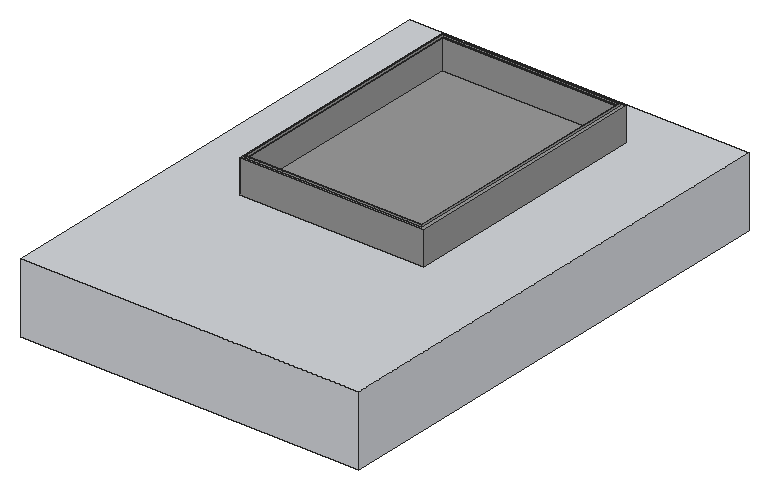
Revit family "Hager-Univers-IP44-D161-Cl.II-FWB-encl--CH-fr", category Equipement électrique, Revit 2020
Family settings
  Hôte = Face
  Configuration du panneau = Deux colonnes, circuits au sein
  Cote de connecteur circulaire = Utiliser le diamètre
  Type d'élément = Tableau de raccordement
  Couper avec des vides une fois chargée = Non
  Partagée = Non
  Point de calcul de pièce = Non
Parameters (values of type "saillie IP44 L800 H1100 P161  - FWB73D1")
  Width Control [instance] = if([EF000008 - largeur] > Min Width, [EF000008 - largeur], Min Width)  # 800 mm
  Commentaires du type = [HG000003 - Gamme]  # "Univers"
  Thickness Door [instance] = if([EF009171 - épaisseur de matériau de la porte/du couvercle] > 3 mm, 3 mm, [EF009171 - épaisseur de matériau de la porte/du couvercle])  # 1 mm
  Seal Frame Offset [instance] = 17 mm  # constant formula
  Plinth Visibility [instance] = [HG000027 - Hauteur du socle] > 0 mm  # no
  Model = ""
  Min Width [instance] = 100 mm  # constant formula
  Min Height [instance] = 100 mm  # constant formula
  Min Depth [instance] = (2 * [EF009170 - épaisseur de matériau du boîtier]) + 1 mm  # 5 mm
  Internal Frame Depth [instance] = (Door System Depth * 0.5)  # 9 mm
  Height Control [instance] = if([EF000040 - hauteur] > Min Height, [EF000040 - hauteur], Min Height)  # 1100 mm
  HG000027 - Hauteur du socle = 0 mm
  HG000026 - Installation au sol = no
  HG000024 - Hauteur de la section basse = 800 mm
  HG000023 - Armoire double section = no
  HG000016 - Visibilité de la porte 3D [instance] = yes
  HG000015 - Visibilité de l'emprise de la porte [instance] = no
  HG000014 - Porte à droite [instance] = yes
  HG000013 - Porte à gauche [instance] = not([HG000014 - Porte à droite])  # no
  HG000012 - Angle de pivotement de la porte [instance] = 30.00°
  HG000010 - Portes asymétriques = no
  HG000009 - Porte à double battant = no
  HG000006 - Encastré = no
  HG000004 - Référence fabricant = "FWB73D1"
  HG000003 - Gamme = "Univers"
  HG000002 - avec porte = no
  Frame Offset Bottom [instance] = 10 mm  # constant formula
  Frame Offset [instance] = 15 mm  # constant formula
  EF015940 - couvercle avec décharge de pression = no
  EF011959 - degré de protection (NEMA) = ""
  EF009554 - nombre d'ouvertures pour plaques à bride = 6
  Fabricant = "Hager"  # constant formula
  EF009212 - finition du couvercle = "EV009916 - avec échancrure"
  EF009171 - épaisseur de matériau de la porte/du couvercle = 1 mm
  EF009170 - épaisseur de matériau du boîtier = 2 mm
  EF008873 - courant nominal (In) = 125 A
  EF007800 - adapté à un parafoudre = no
  EF006306 - avec serrure = no
  EF006244 - couvercle/porte transparent(e) = no
  EF005474 - indice de protection (IP) = "EV006418 - IP44"
  EF004464 - type de porte = "EV000494 - sans"
  EF004427 - nombre de modules = 252
  EF004293 - indice de protection contre les chocs (IK) = "EV006815 - IK09"
  EF003532 - convient pour utilisation à l’extérieur = no
  EF002950 - largeur en nombre de modules = 12
  EF001613 - maintien de fonction = "EV000494 - sans"
  EF001596 - matériau du boîtier/corps = "EV000179 - acier"
  EF001131 - profondeur intérieure = 160 mm
  EF001088 - possibilité de montage en saillie = yes
  EF000437 - nombre d'entrées de conduit = 12
  EF000339 - type de capot = "EV004216 - porte"
  EF000266 - nombre de rangées = 0
  EF000218 - profondeur d'encastrement = 0 mm
  EF000118 - avec cadre/support de montage = no
  EF000116 - numéro RAL = "9010"
  EF000049 - profondeur = 161 mm
  EF000040 - hauteur = 1100 mm
  EF000008 - largeur = 800 mm
  EF000007 - couleur = "EV000202 - blanc"
  EF000003 - mode de pose = "EV000384 - saillie"
  Door System Leaf Tolerance [instance] = 1.5 mm  # constant formula
  Door System Depth [instance] = 18 mm  # constant formula
  Door Height [instance] = Height Control - [HG000027 - Hauteur du socle]  # 1100 mm
  Depth Control [instance] = if([EF000049 - profondeur] > Min Depth, [EF000049 - profondeur], Min Depth)  # 161 mm
  Default Elevation = 0 mm
  Connector Offset [instance] = Height Control / 2  # 550 mm
  Bottom Top Plate Trim [instance] = 1.5 mm  # constant formula
  Plinth height Ctrl [instance] = if([HG000027 - Hauteur du socle] > 0 mm, [HG000027 - Hauteur du socle], 12 mm)  # 12 mm
Reference planes
  plane 1 "Center (Front/Back)": y = 0
  plane 2: z = 0
  plane 3 "Center (Left/Right)": x = 0
  plane 4: z = 161
  plane 5: y = 2
  plane 6: y = 550
  plane 7: y = 0
  plane 8: y = 1100
  plane 9: z = 0
  plane 10: x = -385
  plane 11: x = 385
  plane 12: x = 383
  plane 13: x = -383
  plane 14: y = 1098
  plane 15: x = -383
  plane 16: x = -400
  plane 17: x = 383
  plane 18: x = 400
  plane 19: x = 398
  plane 20: x = -398
  plane 21: y = 12
  plane 22: y = 1100
  plane 23: y = 1083
  plane 24: z = 143
  plane 25: z = 2
  plane 26: z = 141
  plane 27: z = 159
Forms (mm)
  Extrusion 1, solid
    sketch origin (0, 0, 0) x (1, 0, 0) y (0, 1, 0)
      loop
        line (-702.964, 1305) -> (-702.964, -811.445) -> (766.763, -811.445) -> (766.763, 1305) -> (-702.964, 1305)
    from 0 to -304.8
  Extrusion 2, solid, material "Hager_Steel_RAL7035_Light_Grey", visible <- "Plinth Visibility", detail levels medium+fine
    sketch origin (0, 0, 0) x (1, 0, 0) y (0, 1, 0)
      loop
        line (-400, 0) -> (400, 0) -> (400, 12) -> (-400, 12) -> (-400, 0)
    from 0 to 143
  Extrusion 3, solid, material "Hager_Steel_RAL7035_Light_Grey", detail levels medium+fine
    sketch origin (0, 0, 0) x (1, 0, 0) y (0, 1, 0)
      loop
        line (-400, 0) -> (400, 0) -> (400, 1100) -> (-400, 1100) -> (-400, 0)
    from 0 to 143
  Extrusion 4, void
    sketch origin (0, 0, 0) x (1, 0, 0) y (0, 1, 0)
      loop
        line (-398, 2) -> (398, 2) -> (398, 1098) -> (-398, 1098) -> (-398, 2)
    from 2 to 141
  Extrusion 5, void
    sketch origin (-381.607, -4572, 143) x (0, -1, 0) y (-1, 0, 0)
      loop
        line (-4584, 1.393) -> (-5655, 1.393) -> (-5655, -764.607) -> (-4584, -764.607) -> (-4584, 1.393)
    from 0 to 2 <- "EF009170 - épaisseur de matériau du boîtier"
  Extrusion 6, solid, material "Hager_Steel_RAL7035_Light_Grey", detail levels fine
    sketch origin (0, 0, 143) x (1, 0, 0) y (0, 1, 0)
      loop
        line (-383, 1083) -> (-383, 12) -> (383, 12) -> (383, 1083) -> (-383, 1083)
      loop
        line (-384, 11) -> (384, 11) -> (384, 1084) -> (-384, 1084) -> (-384, 11)
    from 0 to 9 <- "Internal Frame Depth"
  Extrusion 7, solid, material "Hager_Steel_RAL7035_Light_Grey", detail levels coarse
    sketch origin (0, 0, 0) x (1, 0, 0) y (0, 1, 0)
      loop
        line (-400, 0) -> (400, 0) -> (400, 1100) -> (-400, 1100) -> (-400, 0)
    from 0 to 161
  Sweep 8, void
    path in 3D
      loop
        line (-400, 12, 0) -> (400, 12, 0) -> (400, 12, 143) -> (-400, 12, 143) -> (-400, 12, 0)
    profile origin (-400, 12, 71.5) x (-1, 0, 0) y (0, -1, 0)
      loop
        line (0, 0) -> (0, 1.5) -> (-1.5, 1.5)
        arc (-1.5, 1.5) -> (-1.061, 0.439) -> (0, 0) r 1.5
Cuts and joins
  Extrusion 4, Extrusion 5 cuts Extrusion 3
  Sweep 8 cuts Extrusion 2
Lines and regions (mm)
  Masking region 1
    outline origin (0, 0, 0) x (1, 0, 0) y (0, 0, 1)
      loop
        line (-400, 161) -> (-400, 0) -> (400, 0) -> (400, 161) -> (-400, 161)
  Masking region 2, detail levels medium+fine
    outline origin (0, 140, 0) x (0, 1, 0) y (0, 0, 1)
      loop
        line (-140, 0) -> (960, 0) -> (960, 143) -> (-140, 143) -> (-140, 0)
  Masking region 3, not visible, detail levels medium+fine
    outline origin (0, 297.922, 0) x (0, 1, 0) y (0, 0, 1)
      loop
        line (263.578, 0) -> (303.578, 0) -> (303.578, 149)
        arc (303.578, 149) -> (300.649, 156.071) -> (293.578, 159) r 10
        line (293.578, 159) -> (263.578, 159) -> (263.578, 0)
  Masking region 4, detail levels coarse
    outline origin (0, 0, 180) x (0, 1, 0) y (0, 0, 1)
      loop
        line (0, -180) -> (1100, -180) -> (1100, -19) -> (0, -19) -> (0, -180)
  Masking region 5, visible <- "Plinth Visibility", detail levels medium+fine
    outline origin (0, 52.24, 12.345) x (0, 0, -1) y (0, 1, 0)
      loop
        line (10.845, -40.24) -> (-129.155, -40.24)
        arc (-129.155, -40.24) -> (-129.594, -41.301) -> (-130.655, -41.74) r 1.5
        line (-130.655, -41.74) -> (-130.655, -52.24) -> (12.345, -52.24) -> (12.345, -41.74)
        arc (12.345, -41.74) -> (11.285, -41.301) -> (10.845, -40.24) r 1.5
  Masking region 6, detail levels medium+fine
    outline origin (-381.607, -4572, 143) x (-1, 0, 0) y (0, -1, 0)
      loop
        line (18.393, -5672) -> (18.393, -4572) -> (-781.607, -4572) -> (-781.607, -5672) -> (18.393, -5672)
  Masking region 7, visible <- "Plinth Visibility", detail levels medium+fine
    outline origin (-381.607, -4727, 143) x (-1, 0, 0) y (0, -1, 0)
      loop
        arc (16.893, -4739) -> (17.332, -4737.939) -> (18.393, -4737.5) r 1.5
        line (18.393, -4737.5) -> (18.393, -4727) -> (-781.607, -4727) -> (-781.607, -4737.5)
        arc (-781.607, -4737.5) -> (-780.546, -4737.939) -> (-780.107, -4739) r 1.5
        line (-780.107, -4739) -> (16.893, -4739)
  Masking region 8, detail levels coarse
    outline origin (-442.548, -4669.526, 143) x (-1, 0, 0) y (0, -1, 0)
      loop
        line (-42.548, -5769.526) -> (-42.548, -4669.526) -> (-842.548, -4669.526) -> (-842.548, -5769.526) -> (-42.548, -5769.526)
  sketch lines
    curve 1: line (-400, 12, 143) -> (-400, 12, 0)
    curve 2: line (400, 12, 143) -> (-400, 12, 143)
    curve 3: line (400, 12, 143) -> (400, 12, 0)
    curve 4: line (-400, 12, 0) -> (400, 12, 0)
Dimensions and locks
  "Depth Control": plane 4 to Extrusion 1
  "HG000027 - Hauteur du socle": plane 1 "Center (Front/Back)" to plane 7
  "EF009170 - épaisseur de matériau du boîtier": plane 5 to plane 7
  locked: connector elem to plane 3 "Center (Left/Right)"
  equal spacing: plane 8, plane 6, plane 7
  locked: connector elem to plane 6
  "EF009170 - épaisseur de matériau du boîtier": plane 8 to plane 14
  "EF009170 - épaisseur de matériau du boîtier": plane 10 to plane 13
  "EF009170 - épaisseur de matériau du boîtier": plane 12 to plane 11
  "Frame Offset": plane 20 to plane 13
  "Frame Offset": plane 12 to plane 19
  "EF009170 - épaisseur de matériau du boîtier": plane 16 to plane 20
  "EF009170 - épaisseur de matériau du boîtier": plane 19 to plane 18
  "Seal Frame Offset": plane 16 to plane 15
  "Seal Frame Offset": plane 17 to plane 18
  "Frame Offset Bottom": plane 21 to plane 5
  "Frame Offset": plane 14 to plane 23
  equal spacing: plane 16, plane 3 "Center (Left/Right)", plane 18
  "Width Control": plane 16 to plane 18
  "EF009170 - épaisseur de matériau du boîtier": plane 4 to plane 27
  "EF009170 - épaisseur de matériau du boîtier": plane 24 to plane 26
  "EF009170 - épaisseur de matériau du boîtier": plane 25 to level
  "Door System Depth": plane 4 to plane 24
  "Height Control": plane 1 "Center (Front/Back)" to Extrusion 7 sketch curve
  "Height Control": Masking region 4 sketch curve to plane 1 "Center (Front/Back)"
  "Height Control": plane 1 "Center (Front/Back)" to plane 22
  "Bottom Top Plate Trim": profile plane to Sweep 8 sketch curve
  "Bottom Top Plate Trim": Sweep 8 sketch curve to profile plane
  "Plinth height Ctrl": plane 1 "Center (Front/Back)" to Extrusion 2 sketch curve
  "Plinth height Ctrl": Masking region 5 sketch curve to plane 1 "Center (Front/Back)"
  "Plinth height Ctrl": plane 1 "Center (Front/Back)" to Masking region 7 sketch curve
  "Thickness Door": Extrusion 6 sketch curve to Extrusion 6 sketch curve  (x3)
  "Thickness Door": cut or joined group of Extrusion 3, Extrusion 4, Extrusion 5 to Extrusion 6 sketch curve
  radius of Masking region 3 sketch curve = 10 mm
  "Bottom Top Plate Trim": radius of Masking region 5 sketch curve  (x2)
  "Bottom Top Plate Trim": radius of Sweep 8 sketch curve
  "Bottom Top Plate Trim": radius of Masking region 7 sketch curve  (x2)
  aligned and locked: plane 2 to Extrusion 1
  aligned and locked: level to Extrusion 1
  aligned and locked: level to Masking region 1 sketch curve
  aligned and locked: Masking region 1 sketch curve to plane 18
  aligned and locked: Masking region 1 sketch curve to plane 16
  aligned and locked: plane 7 to Masking region 2 sketch curve
  aligned and locked: level to Masking region 3 sketch curve
  aligned and locked: Masking region 3 sketch curve to plane 27
  aligned and locked: level to Masking region 2 sketch curve
  aligned and locked: plane 1 "Center (Front/Back)" to Extrusion 2 sketch curve
  aligned and locked: Extrusion 3 sketch curve to plane 7
  aligned and locked: plane 16 to Extrusion 3 sketch curve
  aligned and locked: plane 18 to Extrusion 3 sketch curve
  aligned and locked: plane 20 to Extrusion 4 sketch curve
  aligned and locked: plane 19 to Extrusion 4 sketch curve
  aligned and locked: Extrusion 4 sketch curve to plane 5
  aligned and locked: Extrusion 4 to plane 25
  aligned and locked: plane 26 to Extrusion 4
  aligned and locked: plane 24 to Extrusion 3
  aligned and locked: Extrusion 5 sketch curve to plane 21
  aligned and locked: Extrusion 5 sketch curve to plane 13
  aligned and locked: Extrusion 5 sketch curve to plane 12
  aligned and locked: plane 18 to Extrusion 7 sketch curve
  aligned and locked: plane 1 "Center (Front/Back)" to Extrusion 7 sketch curve
  aligned and locked: plane 16 to Extrusion 7 sketch curve
  aligned and locked: plane 4 to Extrusion 7
  aligned and locked: Extrusion 7 to level
  aligned and locked: level to Masking region 4 sketch curve
  aligned and locked: Masking region 4 sketch curve to plane 1 "Center (Front/Back)"
  aligned and locked: Masking region 4 sketch curve to plane 4
  aligned and locked: nested 1 to level
  aligned and locked: nested 1 to plane 16
  aligned and locked: plane 8 to Extrusion 3 sketch curve
  aligned and locked: plane 23 to Extrusion 5 sketch curve
  aligned and locked: plane 14 to Extrusion 4 sketch curve
  aligned and locked: Masking region 2 sketch curve to plane 8
  aligned and locked: level to Masking region 5 sketch curve
  aligned and locked: plane 16 to Extrusion 2 sketch curve
  aligned and locked: plane 18 to Extrusion 2 sketch curve
  aligned and locked: Masking region 5 sketch curve to plane 24
  aligned and locked: Masking region 2 sketch curve to plane 24
  aligned and locked: plane 24 to Extrusion 2
  aligned and locked: profile plane to Sweep 8 sketch curve  (x2)
  aligned and locked: Masking region 6 sketch curve to plane 18
  aligned and locked: Masking region 6 sketch curve to plane 22
  aligned and locked: Masking region 6 sketch curve to plane 16
  aligned and locked: plane 8 to plane 22
  aligned and locked: Masking region 6 sketch curve to plane 7
  aligned and locked: Masking region 7 sketch curve to plane 16
  aligned and locked: Masking region 7 sketch curve to plane 1 "Center (Front/Back)"
  aligned and locked: Masking region 7 sketch curve to plane 18
  aligned and locked: Masking region 8 sketch curve to plane 1 "Center (Front/Back)"
  aligned and locked: Masking region 8 sketch curve to plane 18
  aligned and locked: Masking region 8 sketch curve to plane 22
  aligned and locked: Masking region 8 sketch curve to plane 16
  aligned and locked: nested 2 to plane 7
  aligned and locked: plane 3 "Center (Left/Right)" to nested 2
  aligned and locked: nested 2 to plane 24
  aligned and locked: Extrusion 6 sketch curve to cut or joined group of Extrusion 3, Extrusion 4, Extrusion 5  (x4)
Automatic sketch dimensions
  Extrusion 1 sketch curve to Extrusion 1 sketch curve = 1469.727 mm
  Extrusion 1 sketch curve to Extrusion 1 sketch curve = 2116.445 mm
  Masking region 1 sketch curve to plane 4 = 0 mm
  plane 6 to Masking region 3 sketch curve = 11.5 mm
  Masking region 3 sketch curve to Masking region 3 sketch curve = 30 mm
  Masking region 5 sketch curve to plane 1 "Center (Front/Back)" = 0 mm
Nested families
  nested 1: "Hager_Enclosure_Symbol" at (-400, 0, 0) x (1, 0, 0) z (0, -1, 0), Height <- "Depth Control", Width <- "Width Control", type "Hager_Enclosure_Symbol"
    with Width_Ctrl 800 mm, Width 800 mm, Height_Ctrl 161 mm, Height 161 mm, A_Width_Int 10.566 mm, A_Width 126.788 mm, A_Height_Ctrl 140.875 mm, A_Height 140.875 mm
  nested 2: "EC000058_Univers_Door" at (0, 0, 143) x (1, 0, 0) z (0, 1, 0), Leaf_Tolerance <- "Door System Leaf Tolerance", Angle <- "HG000012 - Angle de pivotement de la porte", Door_Depth <- "Door System Depth", Door_Left <- "HG000013 - Porte à gauche", Transparent <- "EF006244 - couvercle/porte transparent(e)", Assymetrical <- "HG000010 - Portes asymétriques", Width <- "Width Control", Clearance <- "HG000015 - Visibilité de l'emprise de la porte", Double <- "HG000009 - Porte à double battant", 3d_Door <- "HG000016 - Visibilité de la porte 3D", Lock_Visibility <- "EF006306 - avec serrure", Width_Ctrl <- "Width Control", Door_Right <- "HG000014 - Porte à droite", Door <- "HG000002 - avec porte", Height <- "Door Height", Thickness <- "Thickness Door", type "EC000058_Univers_Door", detail levels medium+fine
    with min_wh 3 mm, Width_Ctrl 800 mm, Width 800 mm, Transparent no, Thickness 1 mm, Seal_Material Hager_Rubber, Lock_Visibility no, Lock_Material Hager_Plastic_RAL9005_Jet_Black, Leaf_Width 800 mm, Leaf_Tolerance_External_Sides 0 mm, Leaf_Tolerance 1.5 mm, Leaf_Offset 0 mm, Leaf_Height 1097 mm, Leaf_2_Width 800 mm, Leaf_2_Offset 400 mm, Leaf_1_Width 800 mm, Leaf_1_Offset 400 mm, Height_Ctrl 1100 mm, Height 1100 mm, Glass_Material Hager_Glass, Double_Clearance_Ctrl no, Double no, Door_Right_Ctrl no, Door_Right yes, Door_Material Hager_Steel_RAL7035_Light_Grey, Door_Left_Ctrl no, Door_Left no, Door_Depth 18 mm, Door no, Clearance_Material Hager_Clearance, Clearance_Depth 800 mm, Clearance_Ctrl no, Clearance no, Assymetrical no, Angle 30.00°, 3d_Door yes
Connectors
  electrical at (0, 550, 0)
    settings: on plane 9, index 1, voltage 0 V, apparent load 0 VA, apparent load phase1 0 VA, apparent load phase2 0 VA, apparent load phase3 0 VA, power factor 1, load classification "Other", number of poles 1, system type 30, power factor state 1, is connector primary yes, connector utility no, sub classification motor no, connector description ""
Definition of nested family "Hager_Enclosure_Symbol"
  Parameters (values of type "Hager_Enclosure_Symbol")
    Width_Ctrl [instance] = if(Width > 1 mm, Width, 1 mm)  # 102.27 mm
    Width [instance] = 102.27 mm
    Height_Ctrl [instance] = if(Height > 1 mm, Height, 1 mm)  # 66.5 mm
    A_Width_Int [instance] = if(A_Width / 12 > 2 mm, A_Width / 12, 2 mm)  # 4.364 mm
    A_Width [instance] = if(A_Height_Ctrl * 0.9 > 2 mm, A_Height_Ctrl * 0.9, 2 mm)  # 52.369 mm
    A_Height_Ctrl [instance] = if(A_Height > 2 mm, A_Height, 2 mm)  # 58.188 mm
    Height [instance] = 66.5 mm
    A_Height [instance] = Height - (Height / 8)  # 58.188 mm
  Reference planes
    plane 1 "Centre (avant/arrière)": y = 0
    plane 2: z = 0
    plane 3 "Centre (gauche/droite)": x = 0
    plane 4: x = 52.369
    plane 5: y = 33.042
    plane 6: y = 41.77
    plane 7: y = 66.5
    plane 8: x = 26.184
    plane 9: y = 37.406
    plane 10: x = 102.27
    plane 11: y = 66.5
    plane 12: y = 8.313
  Lines and regions (mm)
    Filled region 1, type "Solid_Black", in view "Niveau de réf."
      outline origin (0, 0, 0) x (1, 0, 0) y (0, 1, 0)
        loop
          line (52.369, 66.5) -> (33.188, 54.536) -> (45.365, 45.006) -> (52.369, 66.5)
    Filled region 2, type "Solid_Black", in view "Niveau de réf."
      outline origin (0, 0, 0) x (1, 0, 0) y (0, 1, 0)
        loop
          line (0, 0) -> (102.27, 0) -> (102.27, 66.5) -> (0, 0)
    detail lines, in view "Niveau de réf."
      curve 1: line (0, 8.313, 0) -> (26.184, 41.77, 0)
      curve 2: line (26.184, 41.77, 0) -> (26.184, 33.042, 0)
      curve 3: line (26.184, 33.042, 0) -> (52.369, 66.5, 0)
  Dimensions and locks
    "A_Width": plane 3 "Centre (gauche/droite)" to plane 4
    equal spacing: plane 3 "Centre (gauche/droite)", plane 8, plane 4
    equal spacing: plane 6, plane 9, plane 5
    equal spacing: curve 3, Filled region 1 sketch curve, Filled region 1 sketch curve
    "Height_Ctrl": plane 1 "Centre (avant/arrière)" to plane 11
    "A_Height_Ctrl": plane 11 to plane 12
    equal spacing: plane 11, plane 9, plane 12
    "A_Width_Int": plane 6 to plane 9
    "Width_Ctrl": plane 3 "Centre (gauche/droite)" to plane 10
    angle Filled region 1 sketch curve to curve 3 = 20.00°
    angle curve 3 to Filled region 1 sketch curve = 20.00°
    locked: curve 3 to Filled region 1 sketch curve (angle 90.00°)
    aligned and locked: plane 10 to Filled region 2
    aligned and locked: plane 11 to Filled region 2 sketch curve
    aligned and locked: plane 10 to Filled region 2 sketch curve
    aligned and locked: plane 3 "Centre (gauche/droite)" to curve 1
    aligned and locked: plane 12 to curve 1
    aligned and locked: plane 7 to plane 11
  Automatic sketch dimensions
    Filled region 1 sketch curve to plane 4 = 0 mm
    Filled region 1 sketch curve to plane 7 = 0 mm
    plane 1 "Centre (avant/arrière)" to Filled region 2 sketch curve = 0 mm
    Filled region 2 sketch curve to plane 3 "Centre (gauche/droite)" = 0 mm
    curve 2 to plane 6 = 0 mm
    curve 2 to plane 8 = 0 mm
    curve 3 to plane 4 = 0 mm
    curve 2 to plane 5 = 0 mm
    curve 3 to plane 7 = 0 mm
Definition of nested family "EC000058_Univers_Door"
  Parameters (values of type "EC000058_Univers_Door")
    min_wh [instance] = (2 * Thickness) + 1 mm  # 11 mm
    Width_Ctrl [instance] = 400 mm
    Width [instance] = 500 mm
    Transparent [instance] = yes
    Thickness [instance] = 5 mm
    Seal_Material [instance] = none
    Lock_Visibility [instance] = yes
    Lock_Material [instance] = none
    Leaf_Width [instance] = if((Width_Ctrl - 2 * Leaf_Tolerance_External_Sides) > 0 mm, (Width_Ctrl - 2 * Leaf_Tolerance_External_Sides), min_wh)  # 400 mm
    Leaf_Tolerance_External_Sides [instance] = 0 mm  # constant formula
    Leaf_Tolerance [instance] = 1.5 mm
    Leaf_Offset [instance] = 0 mm  # constant formula
    Leaf_Height [instance] = if((Height_Ctrl - 2 * Leaf_Tolerance) > 0 mm, (Height_Ctrl - 2 * Leaf_Tolerance), min_wh)  # 497 mm
    Leaf_2_Width [instance] = if(and(and(Double, Assymetrical), Door_Left), (Leaf_Width / 3) - (Leaf_Tolerance / 2), if(and(and(Double, Assymetrical), Door_Right), (Leaf_Width / 3) * 2 - (Leaf_Tolerance / 2), if(and(Double, not(Assymetrical)), (Leaf_Width / 2) - Leaf_Tolerance, Leaf_Width)))  # 400 mm
    Leaf_2_Offset [instance] = if(and(Double, Assymetrical), Leaf_2_Width / 2, if(and(Double, not(Assymetrical)), Leaf_Width / 4, Leaf_Width / 2))  # 200 mm
    Leaf_1_Width [instance] = if(and(and(Double, Assymetrical), Door_Right), (Leaf_Width / 3) - (Leaf_Tolerance / 2), if(and(and(Double, Assymetrical), Door_Left), (Width / 3) * 2 - (Leaf_Tolerance / 2), if(and(Double, not(Assymetrical)), (Leaf_Width / 2) - Leaf_Tolerance, Leaf_Width)))  # 400 mm
    Leaf_1_Offset [instance] = if(and(Double, Assymetrical), Leaf_1_Width / 2, if(and(Double, not(Assymetrical)), Leaf_Width / 4, Leaf_Width / 2))  # 200 mm
    Height_Ctrl [instance] = if(Height > min_wh, Height, min_wh)  # 500 mm
    Height [instance] = 500 mm
    Glass_Material [instance] = none
    Double_Clearance_Ctrl [instance] = and(Double, Clearance)  # no
    Double [instance] = no
    Door_Right_Ctrl [instance] = and(or(Door_Right, Double), Door)  # yes
    Door_Right [instance] = yes
    Door_Material [instance] = none
    Door_Left_Ctrl [instance] = and(or(Door_Left, Double), Door)  # no
    Door_Left [instance] = no
    Door_Depth [instance] = 30 mm
    Door [instance] = yes
    Default Elevation = 1219.2 mm
    Clearance_Material [instance] = none
    Clearance_Depth [instance] = if(Leaf_1_Width > Leaf_2_Width, Leaf_1_Width, Leaf_2_Width)  # 400 mm
    Clearance_Ctrl [instance] = and(not(Double), Clearance)  # yes
    Clearance [instance] = yes
    Assymetrical [instance] = yes
    Angle [instance] = 30.00°
    3d_Door [instance] = yes
  Reference planes
    plane 1 "Center (Front/Back)": y = 0
    plane 2 "Bottom": z = 0
    plane 3 "Center (Left/Right)": x = 0
    plane 4: z = 500
    plane 5: x = -200
    plane 6: x = 200
    plane 7: z = 500
    plane 8: x = -200
    plane 9: z = 0
    plane 10: x = 200
    plane 11: y = 0
    plane 12: z = 1.5
    plane 13: x = -600
    plane 14: y = -400
    plane 15: x = 600
    plane 16: x = 0
    plane 17: x = 0
    plane 18: x = -200
    plane 19: x = 200
    plane 20: z = 498.5
  Forms (mm)
    Extrusion 1, solid, material <- "Clearance_Material", visible <- "Double_Clearance_Ctrl"
      sketch origin (1200, 0, 0) x (1, 0, 0) y (0, 0, -1)
        loop
          line (-1800, -498.5) -> (-600, -498.5) -> (-600, 0) -> (-1800, 0) -> (-1800, -498.5)
      from 0 to -400
  Dimensions and locks
    equal spacing: plane 5, plane 3 "Center (Left/Right)", plane 6
    "Width_Ctrl": plane 5 to plane 6
    "Leaf_Offset": plane 5 to plane 8
    "Leaf_Offset": plane 6 to plane 10
    "Leaf_Offset": plane 9 to level
    "Leaf_Offset": plane 4 to plane 7
    "Height_Ctrl": plane 4 to level
    "Leaf_Tolerance": plane 12 to plane 9
    locked: plane 11 to plane 1 "Center (Front/Back)"
    "Leaf_1_Offset": plane 18 to plane 16
    "Leaf_2_Offset": plane 17 to plane 19
    "Leaf_1_Width": plane 13 to plane 8
    "Leaf_2_Width": plane 10 to plane 15
    "Clearance_Depth": plane 14 to plane 1 "Center (Front/Back)"
    "Leaf_Tolerance_External_Sides": plane 8 to plane 18
    "Leaf_Tolerance_External_Sides": plane 19 to plane 10
    "Leaf_Tolerance": plane 7 to plane 20
    aligned and locked: level to plane 2 "Bottom"
    aligned and locked: nested 1 to plane 16
    aligned and locked: nested 2 to plane 17
    aligned and locked: Extrusion 1 to plane 13
    aligned and locked: plane 15 to Extrusion 1
    aligned and locked: Extrusion 1 to plane 14
    aligned and locked: plane 12 to nested 1
    aligned and locked: nested 2 to plane 12
    aligned and locked: Extrusion 1 to plane 11
    aligned and locked: plane 20 to Extrusion 1
    aligned and locked: nested 2 to plane 11
    aligned and locked: nested 1 to plane 11
  Automatic sketch dimensions
    Extrusion 1 sketch curve to level = 0 mm
    plane 5 to Extrusion 1 sketch curve = 400 mm
    plane 6 to Extrusion 1 sketch curve = 400 mm
    Extrusion 1 sketch curve to plane 4 = 1.5 mm
  Nested families
    nested 1: "EC000058_Univers_Door_Leaf" at (0, 0, 1.5), Width <- "Leaf_1_Width", visible <- "Door_Left_Ctrl", Leaf_Height <- "Leaf_Height", Angle <- "Angle", 3d_Door <- "3d_Door", Transparent <- "Transparent", Clearance Material <- "Clearance_Material", Clearance <- "Clearance_Ctrl", Door_Material <- "Door_Material", Glass_Material <- "Glass_Material", Door_Depth <- "Door_Depth", Lock_Material <- "Lock_Material", Seal_Material <- "Seal_Material", Lock_Visibility <- "Lock_Visibility", Thickness <- "Thickness", type "EC000058_Univers_Door_Leaf"
      with Width 400 mm, Transparent_Glass_Offset 30 mm, Transparent_Ctrl yes, Transparent yes, Thickness 5 mm, Standard no, Seal_Material none, Seal_D2 8 mm, Seal_D1 1 mm, Offset_Internal_Frame 10 mm, Lock_Width 20 mm, Lock_Visibility_3d yes, Lock_Visibility yes, Lock_Thickness_3 3 mm, Lock_Thickness_2 1 mm, Lock_Thickness_1 3 mm, Lock_Radius_Offset_2 16 mm, Lock_Radius_Offset_1 15 mm, Lock_Radius_2 5 mm, Lock_Radius 6 mm, Lock_Offset 5 mm, Lock_Material none, Lock_Height 80 mm, Lock_Cover_Top_Offset_2d 17 mm, Lock_Cover_Height -65 mm, Leaf_Height 497 mm, Internal_Seal_Thickness 8 mm, Internal_Seal_Depth_2 4.5 mm, Internal_Frame_Depth 25 mm, Glass_Thickness -1 mm, Glass_Offset -2 mm, Glass_Material none, Door_Material none, Door_Depth 30 mm, Clearance Material none, Clearance yes, Angle_Ctrl 30.00°, Angle 30.00°, 3d_Door yes
    nested 2: "EC000058_Univers_Door_Leaf" at (0, 0, 1.5) x (-1, 0, 0) z (0, 0, 1), Width <- "Leaf_2_Width", visible <- "Door_Right_Ctrl", Leaf_Height <- "Leaf_Height", Angle <- "Angle", 3d_Door <- "3d_Door", Transparent <- "Transparent", Clearance Material <- "Clearance_Material", Clearance <- "Clearance_Ctrl", Door_Material <- "Door_Material", Glass_Material <- "Glass_Material", Door_Depth <- "Door_Depth", Lock_Material <- "Lock_Material", Seal_Material <- "Seal_Material", Lock_Visibility <- "Lock_Visibility", Thickness <- "Thickness", type "EC000058_Univers_Door_Leaf"
      with Width 400 mm, Transparent_Glass_Offset 30 mm, Transparent_Ctrl yes, Transparent yes, Thickness 5 mm, Standard no, Seal_Material none, Seal_D2 8 mm, Seal_D1 1 mm, Offset_Internal_Frame 10 mm, Lock_Width 20 mm, Lock_Visibility_3d yes, Lock_Visibility yes, Lock_Thickness_3 3 mm, Lock_Thickness_2 1 mm, Lock_Thickness_1 3 mm, Lock_Radius_Offset_2 16 mm, Lock_Radius_Offset_1 15 mm, Lock_Radius_2 5 mm, Lock_Radius 6 mm, Lock_Offset 5 mm, Lock_Material none, Lock_Height 80 mm, Lock_Cover_Top_Offset_2d 17 mm, Lock_Cover_Height -65 mm, Leaf_Height 497 mm, Internal_Seal_Thickness 8 mm, Internal_Seal_Depth_2 4.5 mm, Internal_Frame_Depth 25 mm, Glass_Thickness -1 mm, Glass_Offset -2 mm, Glass_Material none, Door_Material none, Door_Depth 30 mm, Clearance Material none, Clearance yes, Angle_Ctrl 30.00°, Angle 30.00°, 3d_Door yes
  Definition of nested family "EC000058_Univers_Door_Leaf"
    Parameters (values of type "EC000058_Univers_Door_Leaf")
      Width [instance] = 2000 mm
      Transparent_Glass_Offset [instance] = 30 mm
      Transparent_Ctrl [instance] = and(Transparent, [3d_Door])  # yes
      Transparent [instance] = yes
      Thickness [instance] = 5 mm
      Standard [instance] = and(not(Transparent), [3d_Door])  # no
      Seal_Material [instance] = none
      Seal_D2 [instance] = 8 mm  # constant formula
      Seal_D1 [instance] = 1 mm  # constant formula
      Offset_Internal_Frame [instance] = 10 mm  # constant formula
      Lock_Width [instance] = 20 mm  # constant formula
      Lock_Visibility_3d [instance] = and(Lock_Visibility, [3d_Door])  # yes
      Lock_Visibility [instance] = yes
      Lock_Thickness_3 [instance] = 3 mm  # constant formula
      Lock_Thickness_2 [instance] = 1 mm  # constant formula
      Lock_Thickness_1 [instance] = 3 mm  # constant formula
      Lock_Radius_Offset_2 [instance] = Lock_Radius_Offset_1 + 1 mm  # 16 mm
      Lock_Radius_Offset_1 [instance] = 15 mm  # constant formula
      Lock_Radius_2 [instance] = Lock_Radius - 1 mm  # 5 mm
      Lock_Radius [instance] = 6 mm  # constant formula
      Lock_Offset [instance] = 5 mm  # constant formula
      Lock_Material [instance] = none
      Lock_Height [instance] = 80 mm  # constant formula
      Lock_Cover_Top_Offset_2d [instance] = Lock_Radius_Offset_2 + 1 mm  # 17 mm
      Lock_Cover_Height [instance] = -(Lock_Height - Lock_Radius_Offset_1)  # -65 mm
      Leaf_Height [instance] = 2720.336 mm
      Internal_Seal_Thickness [instance] = 8 mm  # constant formula
      Internal_Seal_Depth_2 [instance] = 4.5 mm  # constant formula
      Internal_Frame_Depth [instance] = if(Door_Depth - Thickness > 5 mm, Door_Depth - Thickness, 5 mm)  # 25 mm
      Glass_Thickness [instance] = if(Thickness > 15 mm, Glass_Offset + 10 mm, -1 mm)  # -1 mm
      Glass_Offset [instance] = if(Thickness > 15 mm, -(Thickness + 10 mm) / 2, -2 mm)  # -2 mm
      Glass_Material [instance] = none
      Door_Material [instance] = none
      Door_Depth [instance] = 30 mm
      Default Elevation = 0 mm
      Clearance Material [instance] = none
      Clearance [instance] = yes
      Angle_Ctrl [instance] = if(Angle > 180.00°, 180.00°, Angle)  # 90.00°
      Angle [instance] = 90.00°
      3d_Door [instance] = yes
    Reference planes
      plane 1 "Center (Front/Back)": y = 0
      plane 2: z = 0
      plane 3 "Center (Left/Right)": x = 0
      plane 4: y = 2000
      plane 5: x = -1000
      plane 6: x = 1000
      plane 7: x = -3000
      plane 8: z = 2720.336
      plane 9: z = 30
      plane 10: z = 2690.336
      plane 11: x = 970
      plane 12: x = -970
      plane 13: y = -3
      plane 14: z = 107.833
      plane 15: y = -5
      plane 16: y = -223.314
      plane 17: x = -1000
      plane 18: z = 1360.168
      plane 19: y = 30
    Forms (mm)
      Extrusion 1, solid, material <- "Clearance Material", visible <- "Clearance"
        sketch origin (0, 0, 0) x (1, 0, 0) y (0, 0, 1)
          loop
            line (-3000, 2720.336) -> (-3000, 0) -> (1000, 0) -> (1000, 2720.336) -> (-3000, 2720.336)
        from 0 to -2000
      Extrusion 2, solid, material <- "Door_Material", visible <- "Standard", detail levels medium+fine
        sketch origin (-1000, 0, 0) x (0, 1, 0) y (-1, 0, 0)
          loop
            line (0, 30) -> (0, 25) -> (2000, 25) -> (2000, 30) -> (0, 30)
        from 0 to 2720.336 <- "Leaf_Height"
      Extrusion 3, solid, material <- "Door_Material", visible <- "Transparent_Ctrl", detail levels medium+fine
        sketch origin (-1000, 0, 0) x (0, 1, 0) y (-1, 0, 0)
          loop
            line (0, 25) -> (2000, 25) -> (2000, 30) -> (0, 30) -> (0, 25)
        from 0 to 2720.336 <- "Leaf_Height"
      Extrusion 4, void
        sketch origin (-1025, 2000, 0) x (0, 1, 0) y (0, 0, -1)
          loop
            line (-30, -2690.336) -> (-30, -30) -> (-1970, -30) -> (-1970, -2690.336) -> (-30, -2690.336)
        from 0 to 5 <- "Thickness"
      Sweep 5, solid, material <- "Seal_Material", visible <- "Transparent_Ctrl", detail levels fine
        path in 3D
          loop
            line (-1025, 30, 30) -> (-1025, 30, 2690.336) -> (-1025, 1970, 2690.336) -> (-1025, 1970, 30) -> (-1025, 30, 30)
        profile origin (-1025, 1000, 30) x (1, 0, 0) y (0, 0, 1)
          loop
            line (0, 0) -> (0, -8) -> (1, -8) -> (1, 0) -> (0, 0)
      Extrusion 6, solid, material <- "Glass_Material", visible <- "Transparent_Ctrl", detail levels medium+fine
        sketch origin (-1030, 0, 0) x (0, 1, 0) y (0, 0, -1)
          loop
            line (1970, -2690.336) -> (1970, -30) -> (30, -30) -> (30, -2690.336) -> (1970, -2690.336)
        from -2 <- "Glass_Offset" to -1 <- "Glass_Thickness"
      Extrusion 7, solid, material <- "Door_Material", visible <- "3d_Door", detail levels medium+fine
        sketch origin (-1025, 2000, 0) x (0, -1, 0) y (0, 0, -1)
          loop
            line (0, -2720.336) -> (2000, -2720.336) -> (2000, 0) -> (0, 0) -> (0, -2720.336)
          loop
            line (1995, -5) -> (5, -5) -> (5, -2715.336) -> (1995, -2715.336) -> (1995, -5)
        from 0 to 25 <- "Internal_Frame_Depth"
      Sweep 8, solid, material <- "Seal_Material", visible <- "Transparent_Ctrl", detail levels fine
        path in 3D
          loop
            line (-1025, 0, 0) -> (-1025, 2000, 0) -> (-1025, 2000, 2720.336) -> (-1025, 0, 2720.336) -> (-1025, 0, 0)
        profile origin (-1025, 0, 1360.168) x (1, 0, 0) y (0, 1, 0)
          loop
            line (0, 10) -> (2.975, 10)
            arc (2.975, 10) -> (4.053, 10.447) -> (4.5, 11.525) r 1.525
            line (4.5, 11.525) -> (4.5, 16.527)
            arc (4.5, 16.527) -> (4.069, 17.569) -> (3.027, 18) r 1.473
            line (3.027, 18) -> (0, 18) -> (0, 10)
      Extrusion 9, solid, material <- "Lock_Material", visible <- "Lock_Visibility_3d", detail levels fine
        sketch origin (-1030, 0, 0) x (0, 1, 0) y (0, 0, -1)
          loop
            arc (1993.5, -1400.168) -> (1994.561, -1399.729) -> (1995, -1398.668) r 1.5
            line (1995, -1398.668) -> (1995, -1320.168) -> (1975, -1320.168) -> (1975, -1398.668)
            arc (1975, -1398.668) -> (1975.439, -1399.729) -> (1976.5, -1400.168) r 1.5
            line (1976.5, -1400.168) -> (1993.5, -1400.168)
        from 3 <- "Lock_Thickness_1" to 0
      Blend 10, solid, material <- "Lock_Material", visible <- "Lock_Visibility_3d", detail levels fine
        base sketch origin (-1033, 0, 0) x (0, 1, 0) y (0, 0, -1)
          loop
            line (1975, -1320.168) -> (1975, -1398.668)
            arc (1975, -1398.668) -> (1975.439, -1399.729) -> (1976.5, -1400.168) r 1.5
            line (1976.5, -1400.168) -> (1993.5, -1400.168)
            arc (1993.5, -1400.168) -> (1994.561, -1399.729) -> (1995, -1398.668) r 1.5
            line (1995, -1398.668) -> (1995, -1320.168) -> (1975, -1320.168)
        top sketch origin (-1033, 0, 0) x (0, 1, 0) y (0, 0, -1)
          loop
            line (1976, -1320.168) -> (1976, -1398.668)
            arc (1976, -1398.668) -> (1976.146, -1399.022) -> (1976.5, -1399.168) r 0.5
            line (1976.5, -1399.168) -> (1993.5, -1399.168)
            arc (1993.5, -1399.168) -> (1993.854, -1399.022) -> (1994, -1398.668) r 0.5
            line (1994, -1398.668) -> (1994, -1320.168) -> (1976, -1320.168)
        from 0 to 1 <- "Lock_Thickness_2"
      Blend 11, solid, material <- "Lock_Material", visible <- "Lock_Visibility_3d", detail levels fine
        base sketch origin (-1034, 0, 0) x (0, 1, 0) y (0, 0, -1)
          loop
            line (1978, -1320.168) -> (1978, -1384.168)
            arc (1978, -1384.168) -> (1985, -1391.168) -> (1992, -1384.168) r 7
            line (1992, -1384.168) -> (1992, -1320.168) -> (1978, -1320.168)
        top sketch origin (-1034, 0, 0) x (0, 1, 0) y (0, 0, -1)
          loop
            line (1991, -1320.168) -> (1979, -1320.168) -> (1979, -1383.168)
            arc (1979, -1383.168) -> (1985, -1389.168) -> (1991, -1383.168) r 6
            line (1991, -1383.168) -> (1991, -1320.168)
        from 0 to 3 <- "Lock_Thickness_3"
      Extrusion 12, solid, material <- "Lock_Material", visible <- "Lock_Visibility_3d", detail levels fine
        sketch origin (-1030, 1975, 1320.168) x (1, 0, 0) y (0, -1, 0)
          loop
            line (-7, -19) -> (-7, -1) -> (0, -1) -> (0, 0) -> (-8, 0) -> (-8, -20) -> (0, -20) -> (0, -19) -> (-7, -19)
        from 0 to -65 <- "Lock_Cover_Height"
      Extrusion 13, void
        sketch origin (-1038, 1995, 1320.168) x (-1, 0, 0) y (0, 0, -1)
          loop
            line (-5, -65) -> (0, -65) -> (-5, -60) -> (-5, -65)
        from 0 to 20 <- "Lock_Width"
      Extrusion 14, void
        sketch origin (-1038, 1975, 1320.168) x (0, -1, 0) y (0, 0, -1)
          loop
            circle (-10, -15.995) r 6
          loop
            circle (-10, -15.995) r 5
        from 0 to 2
      Extrusion 15, solid, material <- "Lock_Material", visible <- "Lock_Visibility_3d", detail levels medium
        sketch origin (-1030, 0, 0) x (0, 1, 0) y (0, 0, -1)
          loop
            arc (1993.5, -1400.168) -> (1994.561, -1399.729) -> (1995, -1398.668) r 1.5
            line (1995, -1398.668) -> (1995, -1320.168) -> (1975, -1320.168) -> (1975, -1398.668)
            arc (1975, -1398.668) -> (1975.439, -1399.729) -> (1976.5, -1400.168) r 1.5
            line (1976.5, -1400.168) -> (1993.5, -1400.168)
        from 8 to 0
    Cuts and joins
      Extrusion 4 cuts Extrusion 3
      Extrusion 13, Extrusion 14 cuts Extrusion 9
      Extrusion 14 cuts Blend 11
      Extrusion 13, Extrusion 14 cuts Extrusion 12
      joined: Extrusion 9, Blend 10, Blend 11, Extrusion 12
      Extrusion 14 cuts Extrusion 15
    Lines and regions (mm)
      Masking region 1, visible <- "Lock_Visibility", detail levels fine
        outline origin (0, 0, 0) x (0, 1, 0) y (0, 0, 1)
          loop
            line (30, 1320.168) -> (33, 1320.168) -> (33, 1400.168) -> (30, 1400.168) -> (30, 1320.168)
      Masking region 2, visible <- "Lock_Visibility", detail levels fine
        outline origin (0, 3.143, 0) x (0, 1, 0) y (0, 0, 1)
          loop
            line (29.857, 1354.168) -> (30.857, 1354.168) -> (30.857, 1366.168) -> (29.857, 1366.168) -> (29.857, 1354.168)
      Masking region 3, detail levels medium+fine
        outline origin (0, 0, 0) x (0, 1, 0) y (0, 0, 1)
          loop
            line (0, 0) -> (30, 0) -> (30, 2720.336) -> (0, 2720.336) -> (0, 0)
      Masking region 4, detail levels medium+fine
        outline origin (0, 0, 0) x (1, 0, 0) y (0, 0, 1)
          loop
            line (-1000, 2720.336) -> (-1000, 0) -> (1000, 0) -> (1000, 2720.336) -> (-1000, 2720.336)
      Masking region 5, visible <- "Lock_Visibility", detail levels fine
        outline origin (-47.116, 0, 0) x (1, 0, 0) y (0, 0, 1)
          loop
            arc (1024.616, 1399.168) -> (1023.556, 1398.729) -> (1023.116, 1397.668) r 1.5
            line (1023.116, 1397.668) -> (1023.116, 1320.168) -> (1041.116, 1320.168) -> (1041.116, 1397.668)
            arc (1041.116, 1397.668) -> (1040.677, 1398.729) -> (1039.616, 1399.168) r 1.5
            line (1039.616, 1399.168) -> (1024.616, 1399.168)
      Masking region 6, visible <- "Lock_Visibility", detail levels medium+fine
        outline origin (-25, 0, 0) x (1, 0, 0) y (0, 0, 1)
          loop
            arc (1001.5, 1400.168) -> (1000.439, 1399.729) -> (1000, 1398.668) r 1.5
            line (1000, 1398.668) -> (1000, 1320.168) -> (1020, 1320.168) -> (1020, 1398.668)
            arc (1020, 1398.668) -> (1019.561, 1399.729) -> (1018.5, 1400.168) r 1.5
            line (1018.5, 1400.168) -> (1001.5, 1400.168)
      Masking region 7, visible <- "Lock_Visibility", detail levels fine
        outline origin (-73.735, 0, 0) x (1, 0, 0) y (0, 0, 1)
          loop
            line (1051.735, 1382.168) -> (1065.735, 1382.168) -> (1065.735, 1384.168)
            arc (1065.735, 1384.168) -> (1058.735, 1391.168) -> (1051.735, 1384.168) r 7
            line (1051.735, 1384.168) -> (1051.735, 1382.168)
      Masking region 8, visible <- "Lock_Visibility", detail levels fine
        outline origin (-73.735, 0, 0) x (1, 0, 0) y (0, 0, 1)
          loop
            line (1052.735, 1382.168) -> (1064.735, 1382.168) -> (1064.735, 1383.168)
            arc (1064.735, 1383.168) -> (1058.735, 1389.168) -> (1052.735, 1383.168) r 6
            line (1052.735, 1383.168) -> (1052.735, 1382.168)
      Masking region 9, visible <- "Lock_Visibility", detail levels fine
        outline origin (-25, 0, 0) x (1, 0, 0) y (0, 0, 1)
          loop
            line (1020, 1320.168) -> (1020, 1382.168) -> (1000, 1382.168) -> (1000, 1320.168) -> (1020, 1320.168)
      Masking region 10, detail levels medium+fine
        outline origin (0, 0, 0) x (1, 0, 0) y (0, 0, 1)
          loop
            circle (985, 1335.144) r 6
      Masking region 11, detail levels fine
        outline origin (0, 0, 0) x (1, 0, 0) y (0, 0, 1)
          loop
            circle (985, 1335.144) r 5
      Masking region 12, visible <- "Lock_Visibility", detail levels fine
        outline origin (0, 12.767, 0) x (0, 1, 0) y (0, 0, 1)
          loop
            line (20.233, 1320.168) -> (21.233, 1320.168) -> (21.233, 1399.168) -> (20.233, 1400.168) -> (20.233, 1320.168)
      Masking region 13, visible <- "Lock_Visibility", detail levels fine
        outline origin (0, 13.767, -10) x (0, 1, 0) y (0, 0, 1)
          loop
            line (20.233, 1330.168) -> (23.233, 1330.168) -> (23.233, 1399.168) -> (20.233, 1402.168) -> (20.233, 1330.168)
      Masking region 14, visible <- "Lock_Visibility", detail levels fine
        outline origin (0, 12.767, -10) x (0, 1, 0) y (0, 0, 1)
          loop
            line (20.233, 1330.168) -> (25.233, 1330.168) -> (25.233, 1399.305) -> (20.233, 1394.305) -> (20.233, 1330.168)
      Masking region 15, visible <- "Lock_Visibility", detail levels medium
        outline origin (0, 0, 0) x (0, 1, 0) y (0, 0, 1)
          loop
            line (30, 1320.168) -> (38, 1320.168) -> (38, 1400.168) -> (30, 1400.168) -> (30, 1320.168)
      Masking region 16, visible <- "Lock_Visibility", detail levels fine
        outline origin (-1000, 0, 0) x (0, 1, 0) y (-1, 0, 0)
          loop
            line (1975, 30) -> (1995, 30) -> (1995, 38) -> (1975, 38) -> (1975, 30)
          loop
            line (1979, 37) -> (1976, 37) -> (1976, 34) -> (1978, 34) -> (1979, 37)
          loop
            line (1994, 37) -> (1991, 37) -> (1992, 34) -> (1994, 34) -> (1994, 37)
      Masking region 17, visible <- "Lock_Visibility", detail levels medium
        outline origin (-1000, 0, 0) x (0, 1, 0) y (-1, 0, 0)
          loop
            line (1975, 30) -> (1995, 30) -> (1995, 38) -> (1975, 38) -> (1975, 30)
      symbolic lines
        curve 1: line (1000, 0, 0) -> (-3000, 0, 0)
        curve 2: arc (1000, 0, 0) -> (-1000, 2000, 0) -> (-3000, 0, 0) r 2000
        curve 4: line (-1030, 0, 0) -> (-1030, 2000, 0)
      reference lines
        curve 3: line (-1000, 0, 0) -> (-1000, 2000, 0)
      symbolic lines, detail levels medium+fine
        curve 5: line (-1030, 2000, 0) -> (-1025, 2000, 0)
        curve 7: line (-1025, 0, 0) -> (-1030, 0, 0)
        curve 8: line (-1025, 0, 0) -> (-1000, 0, 0)
        curve 9: line (-1000, 0, 0) -> (-1000, 2000, 0)
        curve 10: line (-1000, 2000, 0) -> (-1025, 2000, 0)
      symbolic lines, detail levels fine
        curve 6: line (-1025, 2000, 0) -> (-1025, 0, 0)
      sketch lines
        curve 11: line (-1025, 0, 2720.336) -> (-1025, 0, 0)
        curve 12: line (-1025, 2000, 0) -> (-1025, 0, 0)
        curve 13: line (-1025, 2000, 2720.336) -> (-1025, 2000, 0)
        curve 14: line (-1025, 0, 2720.336) -> (-1025, 2000, 2720.336)
        curve 15: line (-1025, 1970, 30) -> (-1025, 30, 30)
        curve 16: line (-1025, 30, 30) -> (-1025, 30, 2690.336)
        curve 17: line (-1025, 1970, 2690.336) -> (-1025, 1970, 30)
        curve 18: line (-1025, 30, 2690.336) -> (-1025, 1970, 2690.336)
      symbolic lines, visible <- "Transparent", detail levels medium+fine
        curve 19: line (-970, 0, 2690.336) -> (970, 0, 2690.336)
        curve 20: line (-970, 0, 30) -> (-970, 0, 2690.336)
        curve 21: line (970, 0, 30) -> (-970, 0, 30)
        curve 22: line (970, 0, 2690.336) -> (970, 0, 30)
    Dimensions and locks
      "Width": plane 1 "Center (Front/Back)" to plane 4
      equal spacing: plane 5, plane 3 "Center (Left/Right)", plane 6
      "Width": plane 5 to plane 6
      "Width": plane 7 to plane 5
      "Leaf_Height": plane 8 to level
      "Width": curve 5 to curve 3
      "Width": curve 3 to curve 3
      plane 8 to plane 10 = 30 mm
      plane 9 to level = 30 mm
      plane 12 to plane 5 = 30 mm
      plane 6 to plane 11 = 30 mm
      Extrusion 1 to Extrusion 4 sketch curve = 30 mm
      "Transparent_Glass_Offset": curve 3 to Extrusion 4 sketch curve
      "Transparent_Glass_Offset": Extrusion 4 sketch curve to cut or joined group of Extrusion 3, Extrusion 4  (x2)
      cut or joined group of Extrusion 3, Extrusion 4 to Extrusion 6 sketch curve = 30 mm
      "Transparent_Glass_Offset": cut or joined group of Extrusion 3, Extrusion 4 to Extrusion 4 sketch curve
      "Thickness": curve 6 to curve 4
      "Thickness": Extrusion 7 sketch curve to Extrusion 7 sketch curve  (x4)
      "Door_Depth": curve 4 to curve 3
      "Offset_Internal_Frame": profile plane to Sweep 8 sketch curve
      "Internal_Seal_Thickness": Sweep 8 sketch curve to Sweep 8 sketch curve
      "Internal_Seal_Depth_2": profile plane to Sweep 8 sketch curve
      "Seal_D1": profile plane to Sweep 5 sketch curve
      "Seal_D2": profile plane to Sweep 5 sketch curve
      "Thickness": Extrusion 2 sketch curve to Extrusion 2 sketch curve
      equal spacing: Extrusion 9 sketch curve, plane 18, Extrusion 9 sketch curve  (x2)
      equal spacing: Masking region 1 sketch curve, plane 18, Masking region 1 sketch curve
      "Lock_Height": Masking region 1 sketch curve to Masking region 1 sketch curve
      "Lock_Radius": Masking region 2 sketch curve to plane 18 to Masking region 2 sketch curve
      Masking region 2 sketch curve to Masking region 1 = 1 mm
      "Door_Depth": plane 19 to plane 1 "Center (Front/Back)"
      "Lock_Thickness_1": Masking region 1 sketch curve to plane 19
      "Lock_Width": Extrusion 9 sketch curve to Extrusion 9 sketch curve
      "Lock_Height": Extrusion 9 sketch curve to Extrusion 9 sketch curve
      "Lock_Offset": cut or joined group of Extrusion 3, Extrusion 4 to Extrusion 9 sketch curve
      equal spacing: plane 8, plane 18, level
      "Lock_Radius_Offset_1": Blend 11 sketch curve to Blend 10
      locked: Blend 10 to Blend 11 sketch curve at 2  (x2)
      locked: var sketch to Blend 11 sketch curve at 1  (x2)
      "Lock_Radius_Offset_2": Blend 11 sketch curve to Blend 10
      locked: Extrusion 12 sketch curve to Extrusion 12 sketch curve at 1  (x3)
      Masking region 6 sketch curve to Masking region 6 sketch curve = 80 mm
      "Lock_Height": Masking region 6 sketch curve to Masking region 6 sketch curve
      "Lock_Width": Masking region 6 sketch curve to Masking region 6 sketch curve
      locked: Masking region 6 to Masking region 5 sketch curve at 1  (x3)
      locked: Masking region 5 to Masking region 7 sketch curve at 2  (x2)
      "Lock_Radius_Offset_1": Masking region 5 to Masking region 7 sketch curve
      "Lock_Radius_Offset_2": Masking region 5 to Masking region 8 sketch curve
      locked: Masking region 7 to Masking region 8 sketch curve at 1  (x2)
      "Lock_Cover_Top_Offset_2d": Masking region 5 to Masking region 9 sketch curve
      equal spacing: Masking region 9, Masking region 10 sketch curve, Masking region 9
      equal spacing: Masking region 9, Masking region 11 sketch curve, Masking region 9
      Extrusion 15 sketch curve to Extrusion 15 sketch curve = 80 mm
      "Lock_Width": Extrusion 15 sketch curve to Extrusion 15 sketch curve
      "Lock_Height": Extrusion 15 sketch curve to Extrusion 15 sketch curve
      equal spacing: Extrusion 15 sketch curve, plane 18, Extrusion 15 sketch curve
      "Lock_Thickness_3": Masking region 13 sketch curve to Masking region 13 sketch curve
      "Lock_Height": Masking region 12 sketch curve to Masking region 12 sketch curve
      locked: Masking region 13 sketch curve to Masking region 1 at 8
      locked: Masking region 14 sketch curve to Masking region 13 at 1
      locked: Masking region 14 sketch curve to Masking region 1 at 10.863
      "Lock_Height": Masking region 15 sketch curve to Masking region 15 sketch curve
      "Lock_Offset": Extrusion 15 sketch curve to cut or joined group of Extrusion 3, Extrusion 4
      "Lock_Offset": plane 6 to Masking region 6 sketch curve
      radius of Sweep 8 sketch curve = 1.525 mm
      radius of Sweep 8 sketch curve = 1.473 mm
      radius of Extrusion 9 sketch curve = 1.5 mm  (x2)
      "Lock_Radius": radius of Extrusion 14 sketch curve
      "Lock_Radius_2": radius of Extrusion 14 sketch curve
      "Lock_Radius": radius of Masking region 10 sketch curve
      "Lock_Radius_2": radius of Masking region 11 sketch curve
      radius of Extrusion 15 sketch curve = 1.5 mm  (x2)
      "Angle_Ctrl": angle plane 1 "Center (Front/Back)" to curve 3
      locked: Masking region 12 sketch curve to Masking region 12 sketch curve (angle 45.00°)
      locked: Masking region 13 sketch curve to Masking region 13 sketch curve (angle 45.00°)
      locked: Masking region 14 sketch curve to Masking region 14 sketch curve (angle 45.00°)
      aligned and locked: level to plane 2
      aligned and locked: Extrusion 1 to curve 1
      aligned and locked: plane 6 to Extrusion 1
      aligned and locked: Extrusion 1 to plane 1 "Center (Front/Back)"
      aligned and locked: plane 4 to Extrusion 1
      aligned and locked: plane 8 to Extrusion 1
      aligned and locked: curve 7 to Extrusion 2 sketch curve
      aligned and locked: curve 5 to Extrusion 2 sketch curve
      aligned and locked: curve 7 to Extrusion 3 sketch curve
      aligned and locked: Extrusion 3 sketch curve to curve 4
      aligned and locked: Extrusion 3 sketch curve to curve 6
      aligned and locked: Extrusion 3 sketch curve to curve 5
      aligned and locked: curve 9 to curve 3
      aligned and locked: Extrusion 7 sketch curve to cut or joined group of Extrusion 3, Extrusion 4  (x4)
      aligned and locked: plane 17 to curve 3
      aligned and locked: plane 1 "Center (Front/Back)" to curve 3
      aligned and locked: plane 17 to plane 5
      aligned and locked: Sweep 8 sketch curve to profile plane
      aligned and locked: Sweep 5 sketch curve to profile plane  (x2)
      aligned and locked: Masking region 1 to Masking region 2 sketch curve
      aligned and locked: plane 19 to Masking region 1 sketch curve
      aligned and locked: plane 1 "Center (Front/Back)" to Masking region 3 sketch curve
      aligned and locked: plane 19 to Masking region 3 sketch curve
      aligned and locked: level to Masking region 3 sketch curve
      aligned and locked: Masking region 3 sketch curve to plane 8
      aligned and locked: plane 17 to Masking region 4 sketch curve
      aligned and locked: level to Masking region 4 sketch curve
      aligned and locked: Masking region 4 sketch curve to plane 8
      aligned and locked: plane 12 to curve 20
      aligned and locked: plane 10 to curve 19
      aligned and locked: plane 11 to curve 22
      aligned and locked: curve 21 to plane 9
      aligned and locked: Extrusion 2 sketch curve to cut or joined group of Extrusion 3, Extrusion 4
      aligned and locked: Blend 10 sketch curve to Extrusion 9  (x4)
      aligned and locked: Extrusion 9 to Blend 10 sketch curve
      aligned and locked: Blend 10 to Blend 11 sketch curve
      aligned and locked: Extrusion 12 sketch curve to Blend 11
      aligned and locked: Extrusion 12 sketch curve to Extrusion 9  (x4)
      aligned and locked: Masking region 5 sketch curve to Masking region 6
      aligned and locked: Masking region 9 sketch curve to Masking region 6  (x3)
      aligned and locked: Masking region 12 sketch curve to Masking region 1
      aligned and locked: Masking region 13 sketch curve to Masking region 1
      aligned and locked: Masking region 12 to Masking region 14
      aligned and locked: Masking region 14 sketch curve to Masking region 1
      aligned and locked: Masking region 15 sketch curve to Masking region 14
      aligned and locked: Masking region 13 sketch curve to Masking region 12
      aligned and locked: Masking region 16 sketch curve to cut or joined group of Extrusion 14, Extrusion 15  (x4)
      aligned and locked: Masking region 16 sketch curve to cut or joined group of Extrusion 9, Blend 10, Blend 11, Extrusion 12, Extrusion 13, Extrusion 14  (x6)
      aligned and locked: cut or joined group of Extrusion 9, Blend 10, Blend 11, Extrusion 12, Extrusion 13, Extrusion 14 to Masking region 16 sketch curve
      aligned and locked: Masking region 17 sketch curve to cut or joined group of Extrusion 14, Extrusion 15  (x3)
      aligned and locked: Masking region 17 sketch curve to cut or joined group of Extrusion 9, Blend 10, Blend 11, Extrusion 12, Extrusion 13, Extrusion 14
      aligned and locked: Masking region 9 to Masking region 8 sketch curve
      aligned and locked: Masking region 9 to Masking region 7 sketch curve
    Automatic sketch dimensions
      plane 1 "Center (Front/Back)" to curve 2 = 0 mm
      curve 2 to plane 5 = 0 mm
      Extrusion 1 sketch curve to level = 0 mm
      Extrusion 1 sketch curve to plane 7 = 0 mm
      Extrusion 1 sketch curve to plane 6 = 0 mm
      Extrusion 1 sketch curve to plane 8 = 0 mm
      Extrusion 3 to Extrusion 6 sketch curve = 30 mm  (x4)
      Masking region 4 sketch curve to plane 6 = 0 mm
      Blend 10 sketch curve to Extrusion 9 = 1.5 mm
      Blend 10 sketch curve to Extrusion 9 = 1 mm
      Extrusion 13 sketch curve to Extrusion 12 = 0 mm  (x2)
      Extrusion 12 to Extrusion 13 sketch curve = 3 mm
      Extrusion 13 sketch curve to Extrusion 12 = 5 mm
      Extrusion 14 sketch curve to Extrusion 14 sketch curve = 0 mm  (x2)
      Extrusion 14 sketch curve to Extrusion 12 = 10 mm
      Extrusion 14 sketch curve to Extrusion 12 = 15.995 mm
      Masking region 5 sketch curve to Masking region 5 sketch curve = 1.5 mm  (x2)
      Masking region 10 sketch curve to plane 18 = 25.024 mm
      Masking region 11 sketch curve to plane 18 = 25.024 mm
      plane 19 to Masking region 14 sketch curve = 3 mm
      Masking region 16 sketch curve to Masking region 16 sketch curve = 3 mm
      curve 4 to curve 3 = 0 mm
      Blend 10 to Blend 11 sketch curve = 0 mm
      Masking region 6 sketch curve to Masking region 6 sketch curve = 1.5 mm  (x2)
      Masking region 6 sketch curve to plane 18 = 40 mm
      plane 19 to Masking region 12 sketch curve = 3 mm
      Masking region 12 sketch curve to Masking region 12 sketch curve = 1 mm
      Masking region 15 sketch curve to plane 19 = 0 mm
      Masking region 15 sketch curve to plane 18 = 40 mm
      radius of Blend 10 sketch curve to Extrusion 9 = 1 mm
